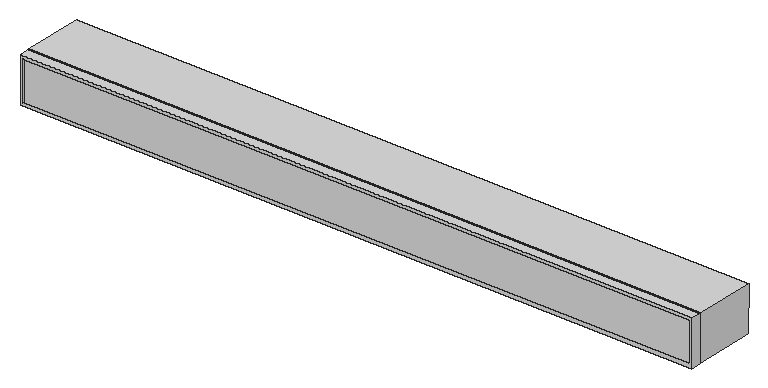
Revit family "Lighting-Wall-Philips_Ledalite-TruGroove_LED", category Lighting Fixtures, host Face, Revit 2017
Family settings
  Host = Face
  Round Connector Dimension = Use Diameter
  Part Type = Normal
  OmniClass Number = 23.80.70.11.14
  OmniClass Title = General Luminaries, Directional
  Cut with Voids When Loaded = No
  Light Source = Yes
  Shared = No
  Room Calculation Point = No
Parameters (values of type "29x6LBDWW")
  eCatalog URL = "www.ledalite.com"
  Width = 3 59/256"
  Wattage = 22.6333 W
  built-in parameter 1150110 = 1 (stored number, unit not read)
  Voltage Comments = ""
  Voltage = 120 V
  URL = "https://www.signify.com/en-us"
  built-in parameter 1114217 = 1 (stored number, unit not read)
  Tilt Angle = -90.00°
  built-in parameter 1150109 = 1 (stored number, unit not read)
  built-in parameter 1150134 = (empty or 0)
  built-in parameter 1150113 = 1 (stored number, unit not read)
  Product Page URL = "http://www.lightingproducts.philips.com/search-tool.html#!q=LI292L"
  Product Family = "TruGroove Wall LED"
  Photometry Comments = "Candela values are absolute."
  Photometric Web File = "29x6LBDWW.ies"
  Model = Catalog Number  # "29x6LBDWW"
  Manufacturer = "Ledalite"
  built-in parameter 1150105 = 267.54 (stored number, unit not read)
  Lumens = 3362 lm
  built-in parameter 1150115 = 1 (stored number, unit not read)
  built-in parameter 1150137 = (empty or 0)
  built-in parameter 1150139 = (empty or 0)
  Lens Material Finish = Acrylic-Signify-White, Translucent
  Length = 48"
  Last Updated = "6/18/2015"
  built-in parameter 1150112 = 1 (stored number, unit not read)
  built-in parameter 1150114 = 1 (stored number, unit not read)
  Lamp Comments = ""
  Lamp = "LED"
  built-in parameter 1150132 = 2
  built-in parameter 1150102 = (empty or 0)
  built-in parameter 1150107 = 3500 (stored number, unit not read)
  built-in parameter 1150138 = (empty or 0)
  built-in parameter 1150106 = 2.6754 (stored number, unit not read)
  Housing Material Finish = Powder Coat-Signify-Titanium
  End Cap Depth = 51/256"
  Emit from Rectangle Width = Width  # 3 59/256"
  Emit from Rectangle Length = Length  # 48"
  Emit Shape Visible in Rendering = no
  built-in parameter 1150104 = 13.8 (stored number, unit not read)
  Dimming Lamp Color Temperature Shift = <None>
  Description = "TruGroove Wall Direct/Indirect, LED, 3500K, 3500 Nominal Delivered Lumens, Asymmetirc MesoOptics Top and Bottom"
  Depth = 5"
  Default Elevation = 48"
  Color Filter = 16777215
  Catalog Number = "29x6LBDWW"
  built-in parameter 1140040 [instance] = 1
  built-in parameter 1114218 = 1 (stored number, unit not read)
  built-in parameter 1150133 = 10 (stored number, unit not read)
  Assembly Code = "D5020200"
  Apparent Load Comments = ""
  Apparent Load = 34.8 VA
Types (33): name | Wattage | built-in parameter 1150134 | Photometric Web File | Model | built-in parameter 1150105 | Lumens | built-in parameter 1150107 | built-in parameter 1150106 | Description | Catalog Number | Apparent Load
  29x1LAEWN | 19.9943 W | 12 | "29x1LAEWN.ies" | "29x1LAEWN" | 236.35 (stored number, unit not read) | 2970 lm | 4000 (stored number, unit not read) | 2.3635 (stored number, unit not read) | "TruGroove Wall Direct, LED, 4000K, 3200 Nominal Delivered Lumens, Asymmetric MesoOptics" | "29x1LAEWN" | 35.6 VA
  29x1LAGWN | 14.3663 W | 12 | "29x1LAGWN.ies" | "29x1LAGWN" | 169.82 (stored number, unit not read) | 2134 lm | 4000 (stored number, unit not read) | 1.6982 (stored number, unit not read) | "TruGroove Wall Direct, LED, 4000K, 2300 Nominal Delivered Lumens, Asymmetric MesoOptics" | "29x1LAGWN" | 24.3 VA
  29x1LAKWN | 9.19605 W | 12 | "29x1LAKWN.ies" | "29x1LAKWN" | 108.7 (stored number, unit not read) | 1366 lm | 4000 (stored number, unit not read) | 1.087 (stored number, unit not read) | "TruGroove Wall Direct, LED, 4000K, 1500 Nominal Delivered Lumens, Asymmetric MesoOptics" | "29x1LAKWN" | 15.4 VA
  29x1LBEWN | 19.9338 W | (empty or 0) | "29x1LBEWN.ies" | "29x1LBEWN" | 235.63 (stored number, unit not read) | 2961 lm | 3500 (stored number, unit not read) | 2.3563 (stored number, unit not read) | "TruGroove Wall Direct, LED, 3500K, 3200 Nominal Delivered Lumens, Asymmetric MesoOptics" | "29x1LBEWN" | 35.1 VA
  29x1LBGWN | 14.3192 W | (empty or 0) | "29x1LBGWN.ies" | "29x1LBGWN" | 169.26 (stored number, unit not read) | 2127 lm | 3500 (stored number, unit not read) | 1.6926 (stored number, unit not read) | "TruGroove Wall Direct, LED, 3500K, 2300 Nominal Delivered Lumens, Asymmetric MesoOptics" | "29x1LBGWN" | 24 VA
  29x1LBKWN | 9.16913 W | (empty or 0) | "29x1LBKWN.ies" | "29x1LBKWN" | 108.38 (stored number, unit not read) | 1362 lm | 3500 (stored number, unit not read) | 1.0838 (stored number, unit not read) | "TruGroove Wall Direct, LED, 3500K, 1500 Nominal Delivered Lumens, Asymmetric MesoOptics" | "29x1LBKWN" | 15.2 VA
  29x1LCEWN | 19.274 W | (empty or 0) | "29x1LCEWN.ies" | "29x1LCEWN" | 227.83 (stored number, unit not read) | 2863 lm | 3000 (stored number, unit not read) | 2.2783 (stored number, unit not read) | "TruGroove Wall Direct, LED, 3000K, 3200 Nominal Delivered Lumens, Asymmetric MesoOptics" | "29x1LCEWN" | 35.1 VA
  29x1LCGWN | 13.8479 W | (empty or 0) | "29x1LCGWN.ies" | "29x1LCGWN" | 163.69 (stored number, unit not read) | 2057 lm | 3000 (stored number, unit not read) | 1.6369 (stored number, unit not read) | "TruGroove Wall Direct, LED, 3000K, 2300 Nominal Delivered Lumens, Asymmetric MesoOptics" | "29x1LCGWN" | 24 VA
  29x1LCKWN | 8.86618 W | (empty or 0) | "29x1LCKWN.ies" | "29x1LCKWN" | 104.8 (stored number, unit not read) | 1317 lm | 3000 (stored number, unit not read) | 1.048 (stored number, unit not read) | "TruGroove Wall Direct, LED, 3000K, 1500 Nominal Delivered Lumens, Asymmetric MesoOptics" | "29x1LCKWN" | 15.2 VA
  29x3LACNW | 30.6243 W | 12 | "29x3LACNW.ies" | "29x3LACNW" | 362 (stored number, unit not read) | 4549 lm | 4000 (stored number, unit not read) | 3.62 (stored number, unit not read) | "TruGroove Wall Indirect, LED, 4000K, 4800 Nominal Delivered Lumens, Asymmetric MesoOptics" | "29x3LACNW" | 40.8 VA
  29x3LAENW | 20.58 W | 12 | "29x3LAENW.ies" | "29x3LAENW" | 243.27 (stored number, unit not read) | 3057 lm | 4000 (stored number, unit not read) | 2.4327 (stored number, unit not read) | "TruGroove Wall Indirect, LED, 4000K, 3200 Nominal Delivered Lumens, Asymmetric MesoOptics" | "29x3LAENW" | 28.8 VA
  29x3LBCNW | 30.0521 W | (empty or 0) | "29x3LBCNW.ies" | "29x3LBCNW" | 355.23 (stored number, unit not read) | 4464 lm | 3500 (stored number, unit not read) | 3.5523 (stored number, unit not read) | "TruGroove Wall Indirect, LED, 3500K, 4800 Nominal Delivered Lumens, Asymmetric MesoOptics" | "29x3LBCNW" | 40.8 VA
  29x3LBENW | 20.1828 W | (empty or 0) | "29x3LBENW.ies" | "29x3LBENW" | 238.57 (stored number, unit not read) | 2998 lm | 3500 (stored number, unit not read) | 2.3857 (stored number, unit not read) | "TruGroove Wall Indirect, LED, 3500K, 3200 Nominal Delivered Lumens, Asymmetric MesoOptics" | "29x3LBENW" | 28.8 VA
  29x3LCCNW | 29.4799 W | (empty or 0) | "29x3LCCNW.ies" | "29x3LCCNW" | 348.47 (stored number, unit not read) | 4379 lm | 3000 (stored number, unit not read) | 3.4847 (stored number, unit not read) | "TruGroove Wall Indirect, LED, 3000K, 4800 Nominal Delivered Lumens, Asymmetric MesoOptics" | "29x3LCCNW" | 40.5 VA
  29x3LCENW | 19.8126 W | (empty or 0) | "29x3LCENW.ies" | "29x3LCENW" | 234.2 (stored number, unit not read) | 2943 lm | 3000 (stored number, unit not read) | 2.342 (stored number, unit not read) | "TruGroove Wall Indirect, LED, 3000K, 3200 Nominal Delivered Lumens, Asymmetric MesoOptics" | "29x3LCENW" | 25.6 VA
  29x5LABWW | 32.8594 W | 12 | "29x5LABWW.ies" | "29x5LABWW" | 388.42 (stored number, unit not read) | 4881 lm | 4000 (stored number, unit not read) | 3.8842 (stored number, unit not read) | "TruGroove Wall Indirect/Direct, LED, 4000K, 5200 Nominal Delivered Lumens, Asymmetric MesoOptics Top and Bottom" | "29x5LABWW" | 46.6 VA
  29x5LACWW | 29.1702 W | 12 | "29x5LACWW.ies" | "29x5LACWW" | 344.81 (stored number, unit not read) | 4333 lm | 4000 (stored number, unit not read) | 3.4481 (stored number, unit not read) | "TruGroove Wall Indirect/Direct, LED, 4000K, 4600 Nominal Delivered Lumens, Asymmetric MesoOptics Top and Bottom" | "29x5LACWW" | 41.1 VA
  29x5LADWW | 20.9705 W | 12 | "29x5LADWW.ies" | "29x5LADWW" | 247.88 (stored number, unit not read) | 3115 lm | 4000 (stored number, unit not read) | 2.4788 (stored number, unit not read) | "TruGroove Wall Indirect/Direct, LED, 4000K, 3500 Nominal Delivered Lumens, Asymmetric MesoOptics Top and Bottom" | "29x5LADWW" | 28.9 VA
  29x5LBBWW | 32.7046 W | (empty or 0) | "29x5LBBWW.ies" | "29x5LBBWW" | 386.59 (stored number, unit not read) | 4858 lm | 3500 (stored number, unit not read) | 3.8659 (stored number, unit not read) | "TruGroove Wall Indirect/Direct, LED, 3500K, 5200 Nominal Delivered Lumens, Asymmetric MesoOptics Top and Bottom" | "29x5LBBWW" | 46.4 VA
  29x5LBCWW | 28.9077 W | (empty or 0) | "29x5LBCWW.ies" | "29x5LBCWW" | 341.71 (stored number, unit not read) | 4294 lm | 3500 (stored number, unit not read) | 3.4171 (stored number, unit not read) | "TruGroove Wall Indirect/Direct, LED, 3500K, 4600 Nominal Delivered Lumens, Asymmetric MesoOptics Top and Bottom" | "29x5LBCWW" | 40.9 VA
  29x5LBDWW | 20.8695 W | (empty or 0) | "29x5LBDWW.ies" | "29x5LBDWW" | 246.69 (stored number, unit not read) | 3100 lm | 3500 (stored number, unit not read) | 2.4669 (stored number, unit not read) | "TruGroove Wall Indirect/Direct, LED, 3500K, 3500 Nominal Delivered Lumens, Asymmetric MesoOptics Top and Bottom" | "29x5LBDWW" | 28.5 VA
  29x5LCBWW | 32.2064 W | (empty or 0) | "29x5LCBWW.ies" | "29x5LCBWW" | 380.7 (stored number, unit not read) | 4784 lm | 3000 (stored number, unit not read) | 3.807 (stored number, unit not read) | "TruGroove Wall Indirect/Direct, LED, 3000K, 5200 Nominal Delivered Lumens, Asymmetric MesoOptics Top and Bottom" | "29x5LCBWW" | 46.4 VA
  29x5LCCWW | 28.5239 W | (empty or 0) | "29x5LCCWW.ies" | "29x5LCCWW" | 337.17 (stored number, unit not read) | 4237 lm | 3000 (stored number, unit not read) | 3.3717 (stored number, unit not read) | "TruGroove Wall Indirect/Direct, LED, 3000K, 4600 Nominal Delivered Lumens, Asymmetric MesoOptics Top and Bottom" | "29x5LCCWW" | 40.8 VA
  29x5LCDWW | 20.5531 W | (empty or 0) | "29x5LCDWW.ies" | "29x5LCDWW" | 242.95 (stored number, unit not read) | 3053 lm | 3000 (stored number, unit not read) | 2.4295 (stored number, unit not read) | "TruGroove Wall Indirect/Direct, LED, 3000K, 3500 Nominal Delivered Lumens, Asymmetric MesoOptics Top and Bottom" | "29x5LCDWW" | 28.5 VA
  29x6LABWW | 32.0179 W | 12 | "29x6LABWW.ies" | "29x6LABWW" | 378.47 (stored number, unit not read) | 4756 lm | 4000 (stored number, unit not read) | 3.7847 (stored number, unit not read) | "TruGroove Wall Direct/Indirect, LED, 4000K, 5200 Nominal Delivered Lumens, Asymmetirc MesoOptics Top and Bottom" | "29x6LABWW" | 50.5 VA
  29x6LACWW | 28.2008 W | 12 | "29x6LACWW.ies" | "29x6LACWW" | 333.35 (stored number, unit not read) | 4189 lm | 4000 (stored number, unit not read) | 3.3335 (stored number, unit not read) | "TruGroove Wall Direct/Indirect, LED, 4000K, 4600 Nominal Delivered Lumens, Asymmetirc MesoOptics Top and Bottom" | "29x6LACWW" | 46.3 VA
  29x6LADWW | 22.7343 W | 12 | "29x6LADWW.ies" | "29x6LADWW" | 268.73 (stored number, unit not read) | 3377 lm | 4000 (stored number, unit not read) | 2.6873 (stored number, unit not read) | "TruGroove Wall Direct/Indirect, LED, 4000K, 3500 Nominal Delivered Lumens, Asymmetirc MesoOptics Top and Bottom" | "29x6LADWW" | 35.1 VA
  29x6LBBWW | 31.7553 W | (empty or 0) | "29x6LBBWW.ies" | "29x6LBBWW" | 375.37 (stored number, unit not read) | 4717 lm | 3500 (stored number, unit not read) | 3.7537 (stored number, unit not read) | "TruGroove Wall Direct/Indirect, LED, 3500K, 5200 Nominal Delivered Lumens, Asymmetirc MesoOptics Top and Bottom" | "29x6LBBWW" | 50 VA
  29x6LBCWW | 28.322 W | (empty or 0) | "29x6LBCWW.ies" | "29x6LBCWW" | 334.78 (stored number, unit not read) | 4207 lm | 3500 (stored number, unit not read) | 3.3478 (stored number, unit not read) | "TruGroove Wall Direct/Indirect, LED, 3500K, 4600 Nominal Delivered Lumens, Asymmetirc MesoOptics Top and Bottom" | "29x6LBCWW" | 46 VA
  29x6LBDWW | 22.6333 W | (empty or 0) | "29x6LBDWW.ies" | "29x6LBDWW" | 267.54 (stored number, unit not read) | 3362 lm | 3500 (stored number, unit not read) | 2.6754 (stored number, unit not read) | "TruGroove Wall Direct/Indirect, LED, 3500K, 3500 Nominal Delivered Lumens, Asymmetirc MesoOptics Top and Bottom" | "29x6LBDWW" | 34.8 VA
  29x6LCBWW | 31.0485 W | (empty or 0) | "29x6LCBWW.ies" | "29x6LCBWW" | 367.01 (stored number, unit not read) | 4612 lm | 3000 (stored number, unit not read) | 3.6701 (stored number, unit not read) | "TruGroove Wall Direct/Indirect, LED, 3000K, 5200 Nominal Delivered Lumens, Asymmetirc MesoOptics Top and Bottom" | "29x6LCBWW" | 50.1 VA
  29x6LCCWW | 27.5006 W | (empty or 0) | "29x6LCCWW.ies" | "29x6LCCWW" | 325.07 (stored number, unit not read) | 4085 lm | 3000 (stored number, unit not read) | 3.2507 (stored number, unit not read) | "TruGroove Wall Direct/Indirect, LED, 3000K, 4600 Nominal Delivered Lumens, Asymmetirc MesoOptics Top and Bottom" | "29x6LCCWW" | 45.9 VA
  29x6LCDWW | 22.0476 W | (empty or 0) | "29x6LCDWW.ies" | "29x6LCDWW" | 260.62 (stored number, unit not read) | 3275 lm | 3000 (stored number, unit not read) | 2.6062 (stored number, unit not read) | "TruGroove Wall Direct/Indirect, LED, 3000K, 3500 Nominal Delivered Lumens, Asymmetirc MesoOptics Top and Bottom" | "29x6LCDWW" | 34.7 VA
Reference planes (in)
  plane 1 "Center (Front/Back)": y = 0
  plane 2: z = 0
  plane 3 "Center (Left/Right)": x = 0
  plane 4 "Length1": x = -24
  plane 5 "Length2": x = 24
  plane 6 "Depth1": y = -2.5
  plane 7 "Depth2": y = 2.5
  plane 8 "Endcap1": x = -23.80078
  plane 9 "Endcap2": x = 23.80078
  plane 10 "Width": z = 4.28047
  plane 11 "Wall": z = 1.05
  plane 12 "Mount4": x = 20
  plane 13 "Mount3": x = 16
  plane 14 "Mount1": x = -20
  plane 15 "Mount2": x = -16
Forms (in)
  Extrusion 1, solid, material "Powder Coat-Signify-Titanium" <- "Housing Material Finish"
    sketch origin (0, 2.5, 2.66523) x (0, 0, 1) y (0, -1, 0)
      loop
        line (1.61523, 5) -> (1.41523, 5) -> (1.41523, 2.54796) -> (-1.41523, 2.54796) -> (-1.41523, 5) -> (-1.61523, 5) -> (-1.61523, 0) -> (-1.50805, 0) -> (-1.50805, 0.50713) -> (-1.17446, 0.31454) -> (-1.12351, 0.35729) -> (-1.50805, 0.5793) -> (-1.50805, 2.38075) -> (1.4928, 2.38075) -> (1.4928, 0.5793) -> (1.10296, 0.35422) -> (1.15391, 0.31147) -> (1.4928, 0.50713) -> (1.4928, 0) -> (1.61523, 0) -> (1.61523, 5)
    from -23.80078 to 23.80078
  Extrusion 2, void
    sketch origin (0, 2.5, 2.66523) x (0, 0, 1) y (0, -1, 0)
      loop
        line (1.61523, 4.34697) -> (1.51307, 4.34697) -> (1.51307, 4.2355) -> (1.61523, 4.2355) -> (1.61523, 4.34697)
      loop
        line (-1.61523, 4.34697) -> (-1.61523, 4.2355) -> (-1.51307, 4.2355) -> (-1.51307, 4.34697) -> (-1.61523, 4.34697)
    from -24 to 24
  Extrusion 3, void
    sketch origin (0, 2.5, 2.66523) x (0, -1, 0) y (1, 0, 0)
      loop
        line (4.34697, -24) -> (4.34697, -23.84051) -> (4.2355, -23.84051) -> (4.2355, -24) -> (4.34697, -24)
      loop
        line (4.34697, 24) -> (4.2355, 24) -> (4.2355, 23.84051) -> (4.34697, 23.84051) -> (4.34697, 24)
    from -1.61523 to 1.61523
  Extrusion 4, solid, material "Powder Coat-Signify-Titanium" <- "Housing Material Finish"
    sketch origin (0, 2.5, 2.66523) x (0, 0, 1) y (0, -1, 0)
      loop
        line (1.41523, 4.97998) -> (-1.41523, 4.97998) -> (-1.41523, 4.85498) -> (1.41523, 4.85498) -> (1.41523, 4.97998)
    from -23.80078 to 23.80078
  Extrusion 5, solid, material "Powder Coat-Signify-Titanium" <- "Housing Material Finish"
    sketch origin (0, 0, 0) x (0, 1, 0) y (0, 0, 1)
      loop
        line (-2.5, 4.28047) -> (-2.5, 1.05) -> (2.5, 1.05) -> (2.5, 4.28047) -> (-2.5, 4.28047)
    from 23.80078 to 24
  Extrusion 6, solid, material "Powder Coat-Signify-Titanium" <- "Housing Material Finish"
    sketch origin (0, 0, 0) x (0, 1, 0) y (0, 0, -1)
      loop
        line (-2.5, -4.28047) -> (2.5, -4.28047) -> (2.5, -1.05) -> (-2.5, -1.05) -> (-2.5, -4.28047)
    from 23.80078 to 24
  Extrusion 7, solid, material "Powder Coat-Signify-Titanium" <- "Housing Material Finish"
    sketch origin (0, 0, 0) x (0, 1, 0) y (0, 0, 1)
      loop
        line (1.73954, 0.65094) -> (1.93091, 0.89588)
        arc (1.93091, 0.89588) -> (1.94148, 0.99643) -> (1.85574, 1.05) r 0.09539
        line (1.85574, 1.05) -> (0.6894, 1.05) -> (0.00534, 0.17445)
        arc (0.00534, 0.17445) -> (-0.00662, 0.06064) -> (0.09043, 0) r 0.10797
        line (0.09043, 0) -> (0.47434, 0) -> (0.47434, 0.0625) -> (0.10611, 0.0625)
        arc (0.10611, 0.0625) -> (0.05836, 0.09233) -> (0.06425, 0.14833) r 0.05312
        line (0.06425, 0.14833) -> (0.71988, 0.9875) -> (1.84985, 0.9875)
        arc (1.84985, 0.9875) -> (1.882, 0.96741) -> (1.87804, 0.92972) r 0.03576
        line (1.87804, 0.92972) -> (1.69029, 0.68942) -> (1.73954, 0.65094)
    from 16 to 20
  Extrusion 8, solid, material "Powder Coat-Signify-Titanium" <- "Housing Material Finish"
    sketch origin (0, 0, 0) x (0, 1, 0) y (0, 0, -1)
      loop
        line (1.73954, -0.65094) -> (1.69029, -0.68942) -> (1.87804, -0.92972)
        arc (1.87804, -0.92972) -> (1.882, -0.96741) -> (1.84985, -0.9875) r 0.03576
        line (1.84985, -0.9875) -> (0.71988, -0.9875) -> (0.06425, -0.14833)
        arc (0.06425, -0.14833) -> (0.05836, -0.09233) -> (0.10611, -0.0625) r 0.05312
        line (0.10611, -0.0625) -> (0.47434, -0.0625) -> (0.47434, 0) -> (0.09043, 0)
        arc (0.09043, 0) -> (-0.00662, -0.06064) -> (0.00534, -0.17445) r 0.10797
        line (0.00534, -0.17445) -> (0.6894, -1.05) -> (1.85574, -1.05)
        arc (1.85574, -1.05) -> (1.94148, -0.99643) -> (1.93091, -0.89588) r 0.09539
        line (1.93091, -0.89588) -> (1.73954, -0.65094)
    from 16 to 20
  Extrusion 9, solid, material "Acrylic-Signify-White, Translucent" <- "Lens Material Finish"
    sketch origin (0, 0, 0) x (0, 1, 0) y (0, 0, 1)
      loop
        line (2.35159, 4.01348) -> (1.84889, 3.41438) -> (1.84889, 1.89188) -> (2.35159, 1.29278) -> (2.39947, 1.33296) -> (1.91139, 1.91463) -> (1.91139, 3.39163) -> (2.39947, 3.9733) -> (2.35159, 4.01348)
    from -23.80078 to 23.80078
  Extrusion 10, solid, material "Powder Coat-Signify-Titanium" <- "Housing Material Finish"
    sketch origin (0, 0, 0) x (0, 1, 0) y (0, 0, -1)
      loop
        line (-2.5, -4.28047) -> (2.5, -4.28047) -> (2.5, -1.05) -> (-2.5, -1.05) -> (-2.5, -4.28047)
    from 23.80078 to 24
Cuts and joins
  Extrusion 2, Extrusion 3 cuts Extrusion 1
  Extrusion 2, Extrusion 3 cuts Extrusion 4
  Extrusion 2, Extrusion 3 cuts Extrusion 5
  Extrusion 2, Extrusion 3 cuts Extrusion 6
  Extrusion 2, Extrusion 3 cuts Extrusion 10
  joined: Extrusion 1, Extrusion 4, Extrusion 5, Extrusion 6, Extrusion 10
Lines and regions (in)
  symbolic lines
    curve 1: line (-24, 0, 4.28047) -> (24, 0, 4.28047)
    curve 2: line (-24, 0, 0) -> (-24, 0, 4.28047)
    curve 3: line (24, 0, 0) -> (-24, 0, 0)
    curve 4: line (24, 0, 4.28047) -> (24, 0, 0)
  symbolic lines, detail levels medium+fine
    curve 5: line (-24, 0, 4.28047) -> (24, 0, 0)
Dimensions and locks (in)
  equal spacing: plane 4 "Length1", plane 3 "Center (Left/Right)", plane 5 "Length2"
  "Length": plane 4 "Length1" to plane 5 "Length2"
  equal spacing: plane 7 "Depth2", plane 1 "Center (Front/Back)", plane 6 "Depth1"
  "Depth": plane 7 "Depth2" to plane 6 "Depth1"
  "End Cap Depth": plane 4 "Length1" to plane 8 "Endcap1"
  "End Cap Depth": plane 9 "Endcap2" to plane 5 "Length2"
  "Width": plane 10 "Width" to plane 11 "Wall"
  locked: plane 11 "Wall" to plane 2 at 1.05
  locked: plane 14 "Mount1" to plane 15 "Mount2" at 4
  locked: plane 4 "Length1" to plane 14 "Mount1" at 4
  locked: plane 13 "Mount3" to plane 12 "Mount4" at 4
  locked: plane 12 "Mount4" to plane 5 "Length2" at 4
  locked: Extrusion 8 sketch curve to plane 1 "Center (Front/Back)" at 0.09043
  locked: Extrusion 8 sketch curve to plane 2 at 0.10797
  locked: Extrusion 8 sketch curve to plane 1 "Center (Front/Back)" at 0.47434
  locked: Extrusion 8 sketch curve to plane 2 at 0.0625
  locked: Extrusion 8 sketch curve to plane 1 "Center (Front/Back)" at 0.10611
  locked: Extrusion 8 sketch curve to plane 2 at 0.11562
  locked: Extrusion 8 sketch curve to plane 11 "Wall" at 0.60575
  locked: Extrusion 8 sketch curve to plane 11 "Wall" at 0.54325
  locked: Extrusion 8 sketch curve to plane 11 "Wall" at 0.0625
  locked: plane 11 "Wall" to Extrusion 8 sketch curve at 0.09539
  locked: plane 7 "Depth2" to Extrusion 8 sketch curve at 0.64426
  locked: plane 11 "Wall" to Extrusion 8 sketch curve at 0.09826
  locked: plane 7 "Depth2" to Extrusion 8 sketch curve at 0.65015
  locked: plane 11 "Wall" to Extrusion 8 sketch curve at 1.55397
  locked: plane 11 "Wall" to Extrusion 8 sketch curve at 1.61647
  locked: plane 11 "Wall" to Extrusion 8 sketch curve at 0.75651
  locked: Extrusion 7 sketch curve to plane 1 "Center (Front/Back)" at 0.47434
  locked: Extrusion 7 sketch curve to plane 2 at 0.0625
  locked: Extrusion 7 sketch curve to plane 11 "Wall" at 0.54325
  locked: Extrusion 7 sketch curve to plane 11 "Wall" at 0.60575
  locked: Extrusion 7 sketch curve to plane 11 "Wall" at 0.0625
  locked: plane 11 "Wall" to Extrusion 7 sketch curve at 1.55397
  locked: plane 11 "Wall" to Extrusion 7 sketch curve at 1.61647
  locked: plane 11 "Wall" to Extrusion 7 sketch curve at 0.75651
  locked: plane 7 "Depth2" to Extrusion 7 sketch curve at 0.64426
  locked: plane 11 "Wall" to Extrusion 7 sketch curve at 0.09539
  locked: plane 7 "Depth2" to Extrusion 7 sketch curve at 0.65015
  locked: plane 11 "Wall" to Extrusion 7 sketch curve at 0.09826
  locked: Extrusion 7 sketch curve to plane 2 at 0.11562
  locked: Extrusion 7 sketch curve to plane 1 "Center (Front/Back)" at 0.10611
  locked: Extrusion 7 sketch curve to plane 1 "Center (Front/Back)" at 0.09043
  locked: Extrusion 7 sketch curve to plane 2 at 0.10797
  locked: Extrusion 9 sketch curve to plane 10 "Width" at 1.30705
  locked: Extrusion 9 sketch curve to plane 10 "Width" at 1.97305
  locked: Extrusion 9 sketch curve to plane 10 "Width" at 2.03555
  locked: plane 7 "Depth2" to Extrusion 9 sketch curve at 0.65111
  locked: plane 7 "Depth2" to Extrusion 9 sketch curve at 0.58861
  locked: plane 11 "Wall" to Extrusion 9 sketch curve at 2.01998
  locked: plane 11 "Wall" to Extrusion 9 sketch curve at 1.95748
  locked: plane 11 "Wall" to Extrusion 9 sketch curve at 1.32559
  locked: Extrusion 3 sketch curve to plane 6 "Depth1" at 0.7645
  locked: plane 6 "Depth1" to Extrusion 3 sketch curve at 0.65303
  locked: plane 4 "Length1" to Extrusion 3 sketch curve at 0.15949
  locked: plane 6 "Depth1" to Extrusion 3 sketch curve at 0.7645
  locked: Extrusion 3 sketch curve to plane 6 "Depth1" at 0.65303
  locked: Extrusion 3 sketch curve to plane 5 "Length2" at 0.15949
  locked: Extrusion 2 sketch curve to plane 6 "Depth1" at 0.7645  (x2)
  locked: plane 10 "Width" to Extrusion 2 sketch curve at 0.10216
  locked: Extrusion 2 sketch curve to plane 6 "Depth1" at 0.65303  (x2)
  locked: Extrusion 2 sketch curve to plane 11 "Wall" at 0.10216
  locked: Extrusion 4 sketch curve to plane 10 "Width" at 0.2
  locked: Extrusion 4 sketch curve to plane 11 "Wall" at 0.2
  locked: Extrusion 4 sketch curve to plane 6 "Depth1" at 0.14502
  locked: Extrusion 4 sketch curve to plane 6 "Depth1" at 0.02002
  locked: plane 10 "Width" to Extrusion 1 sketch curve at 0.2
  locked: Extrusion 1 sketch curve to plane 6 "Depth1" at 2.45204
  locked: Extrusion 1 sketch curve to plane 11 "Wall" at 0.2
  locked: plane 11 "Wall" to Extrusion 1 sketch curve at 0.10719
  locked: Extrusion 1 sketch curve to Extrusion 1 sketch curve at 0.49278
  locked: Extrusion 1 sketch curve to Extrusion 1 sketch curve at 0.04237
  locked: Extrusion 1 sketch curve to Extrusion 1 sketch curve at 0.55528
  locked: Extrusion 1 sketch curve to plane 11 "Wall" at 0.10719
  locked: plane 7 "Depth2" to Extrusion 1 sketch curve at 2.38075
  locked: plane 10 "Width" to Extrusion 1 sketch curve at 0.12243
  locked: Extrusion 1 sketch curve to Extrusion 1 sketch curve at 0.5629
  locked: Extrusion 1 sketch curve to Extrusion 1 sketch curve at 0.05794
  locked: Extrusion 1 sketch curve to Extrusion 1 sketch curve at 0.5004
  locked: Extrusion 1 sketch curve to plane 10 "Width" at 0.12243
  plane 10 "Width" to plane 2 = 4.28047"
  plane 5 "Length2" to plane 4 "Length1" = 48"
  aligned and locked: plane 2 to host face
  aligned and locked: level to host face
  aligned and locked: plane 10 "Width" to Extrusion 5
  aligned and locked: Extrusion 5 to plane 6 "Depth1"
  aligned and locked: Extrusion 5 to plane 11 "Wall"
  aligned and locked: plane 7 "Depth2" to Extrusion 5
  aligned and locked: plane 5 "Length2" to Extrusion 5
  aligned and locked: Extrusion 5 to plane 9 "Endcap2"
  aligned and locked: plane 7 "Depth2" to Extrusion 6
  aligned and locked: Extrusion 6 to plane 4 "Length1"
  aligned and locked: plane 8 "Endcap1" to Extrusion 6
  aligned and locked: Extrusion 6 to plane 6 "Depth1"
  aligned and locked: plane 10 "Width" to Extrusion 6
  aligned and locked: Extrusion 6 to plane 11 "Wall"
  aligned and locked: Extrusion 7 to plane 13 "Mount3"
  aligned and locked: plane 12 "Mount4" to Extrusion 7
  aligned and locked: Extrusion 8 to plane 15 "Mount2"
  aligned and locked: plane 14 "Mount1" to Extrusion 8
  aligned and locked: plane 7 "Depth2" to Extrusion 1  (x2)
  aligned and locked: Extrusion 9 to plane 8 "Endcap1"
  aligned and locked: plane 9 "Endcap2" to Extrusion 9
  aligned and locked: plane 9 "Endcap2" to Extrusion 1
  aligned and locked: Extrusion 1 to plane 8 "Endcap1"
  aligned and locked: Extrusion 2 to plane 4 "Length1"
  aligned and locked: plane 5 "Length2" to Extrusion 2
  aligned and locked: Extrusion 4 to plane 8 "Endcap1"
  aligned and locked: plane 9 "Endcap2" to Extrusion 4
  aligned and locked: plane 7 "Depth2" to Extrusion 10
  aligned and locked: Extrusion 10 to plane 4 "Length1"
  aligned and locked: plane 8 "Endcap1" to Extrusion 10
  aligned and locked: Extrusion 10 to plane 6 "Depth1"
  aligned and locked: plane 2 to Extrusion 8 sketch curve
  aligned and locked: Extrusion 8 sketch curve to plane 11 "Wall"
  aligned and locked: Extrusion 7 sketch curve to plane 2
  aligned and locked: plane 11 "Wall" to Extrusion 7 sketch curve
  aligned and locked: Extrusion 10 to plane 11 "Wall"
  aligned and locked: plane 10 "Width" to Extrusion 10
  aligned and locked: plane 10 "Width" to Extrusion 3
  aligned and locked: Extrusion 3 to plane 11 "Wall"
  aligned and locked: Extrusion 3 sketch curve to plane 4 "Length1"
  aligned and locked: Extrusion 3 sketch curve to plane 5 "Length2"
  aligned and locked: plane 11 "Wall" to Extrusion 2 sketch curve
  aligned and locked: plane 10 "Width" to Extrusion 2 sketch curve
  aligned and locked: Extrusion 1 sketch curve to plane 7 "Depth2"  (x2)
  aligned and locked: Extrusion 1 sketch curve to plane 10 "Width"
  aligned and locked: Extrusion 1 sketch curve to plane 6 "Depth1"
  aligned and locked: plane 6 "Depth1" to Extrusion 1 sketch curve
  aligned and locked: plane 11 "Wall" to Extrusion 1 sketch curve
Automatic sketch dimensions
  host sketch curve to host sketch curve = 96"  (x2)
  Extrusion 5 sketch curve to plane 6 "Depth1" = 0"
  plane 7 "Depth2" to Extrusion 5 sketch curve = 0"
  Extrusion 5 sketch curve to plane 11 "Wall" = 0"
  plane 10 "Width" to Extrusion 5 sketch curve = 0"
  Extrusion 6 sketch curve to plane 6 "Depth1" = 0"
  Extrusion 6 sketch curve to plane 7 "Depth2" = 0"
  Extrusion 6 sketch curve to plane 10 "Width" = 0"
  Extrusion 6 sketch curve to plane 11 "Wall" = 0"
  Extrusion 9 sketch curve to Extrusion 9 sketch curve = 0.04017"
  Extrusion 9 sketch curve to Extrusion 9 sketch curve = 0.02275"
  Extrusion 10 sketch curve to plane 6 "Depth1" = 0"
  plane 7 "Depth2" to Extrusion 10 sketch curve = 0"
  Extrusion 10 sketch curve to plane 10 "Width" = 0"
  Extrusion 10 sketch curve to plane 11 "Wall" = 0"
  Extrusion 8 sketch curve to plane 1 "Center (Front/Back)" = 0.00534"
  Extrusion 8 sketch curve to Extrusion 8 sketch curve = 0.02229"
  Extrusion 8 sketch curve to plane 11 "Wall" = 0.15412"
  Extrusion 8 sketch curve to Extrusion 8 sketch curve = 0.04035"
  Extrusion 7 sketch curve to plane 1 "Center (Front/Back)" = 0.00534"
  Extrusion 7 sketch curve to Extrusion 7 sketch curve = 0.02229"
  Extrusion 7 sketch curve to plane 11 "Wall" = 0.15412"
  Extrusion 7 sketch curve to Extrusion 7 sketch curve = 0.02612"
  Extrusion 1 sketch curve to Extrusion 1 sketch curve = 0.05095"  (x2)
  Extrusion 1 sketch curve to Extrusion 1 sketch curve = 0.04275"  (x2)
  Extrusion 1 sketch curve to Extrusion 1 sketch curve = 0.07217"  (x2)
  curve 1 to plane 5 "Length2" = 0"
  curve 4 to level = 0"
  curve 1 to plane 10 "Width" = 0"
  curve 5 to plane 4 "Length1" = 0"
Connectors (in)
  electrical at (-4.76016, 0.8058, 1.05), driven by "Voltage", driven by "Apparent Load", driven by "Product Family"
    settings: on cut or joined group of Extrusion 1, Extrusion 2, Extrusion 3, Extrusion 4, Extrusion 5, Extrusion 6, Extrusion 10, index 1, voltage 120 V, apparent load 0 VA, apparent load phase1 34.8 VA, apparent load phase2 0 VA, apparent load phase3 0 VA, power factor 1, load classification "Lighting", number of poles 1, system type 31, power factor state 1, is connector primary yes, connector utility no, sub classification motor no, connector description "TruGroove Wall LED"
